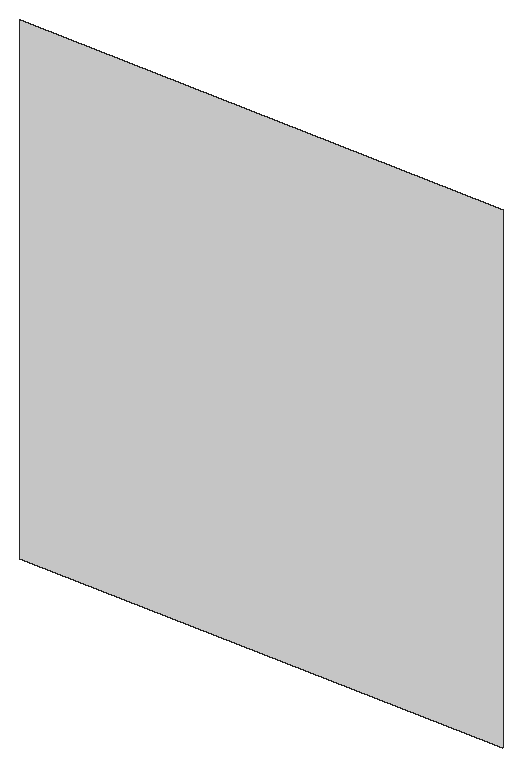
Revit family "PKNail Quad Outlet", category Electrical Fixtures, host Wall, Revit 2017
Family settings
  Host = Wall
  Maintain Annotation Orientation = No
  Round Connector Dimension = Use Diameter
  Part Type = Normal
  Always vertical = Yes
  Cut with Voids When Loaded = No
  Shared = No
  Room Calculation Point = No
Parameters (values of type "Quad Outlet")
  Width = 0' - 4 1/2"
  PKNail Family Measure Location Centered = yes
  PKNail Family Instance Elevation [instance] = 0' - 10"
  PKNail Family Fixed Dimensions = "Width:Height"
  Height = 0' - 4 1/2"
  Finish = Plastic - White
Reference planes (in)
  plane 1: y = 0
  plane 2 "Center (Left/Right)": x = 0
  plane 3 "Back": y = 3
  plane 4 "Left": x = -2.25
  plane 5 "Right": x = 2.25
  plane 6: z = 9.75
  plane 7: z = 14.25
  plane 8 "Center (Elevation)": z = 12
  plane 9: y = 3.1875
  plane 10: y = 3.25
  plane 11: z = 2
Forms (in)
  Blend 1, solid, material "Plastic - White" <- "Finish"
    base sketch origin (0, 3, 0) x (1, 0, 0) y (0, 0, 1)
      loop
        line (2.25, 14.25) -> (-2.25, 14.25) -> (-2.25, 9.75) -> (2.25, 9.75) -> (2.25, 14.25)
    top sketch origin (0, 3, 0) x (1, 0, 0) y (0, 0, 1)
      loop
        line (2.0625, 14.0625) -> (-2.0625, 14.0625) -> (-2.0625, 9.9375) -> (2.0625, 9.9375) -> (2.0625, 14.0625)
    from 0 to -0.1875
Lines and regions (in)
  model lines, style "InvisibleLines"
    curve 1: line (0, 3, 9.75) -> (0, 3, 2)
Text (in)
  text "Placement Side" at (0, 40.15149, 123.01588), in view "Right"
  text "Placement Side" at (0, 47.49176, 140.59947), in view "Left"
Dimensions and locks (in)
  locked: plane 3 "Back" to host wall
  "Height": plane 6 to plane 7
  "Width": plane 5 "Right" to plane 4 "Left"
  equal spacing: plane 5 "Right", plane 2 "Center (Left/Right)", plane 4 "Left"
  equal spacing: plane 6, plane 8 "Center (Elevation)", plane 7
  locked: plane 3 "Back" to plane 9 at 0.1875
  locked: plane 9 to plane 10 at 0.0625
  "PKNail Family Instance Elevation": plane 11 to plane 8 "Center (Elevation)"
  aligned and locked: plane 6 to Blend 1 sketch curve
  aligned and locked: plane 5 "Right" to Blend 1 sketch curve
  aligned and locked: Blend 1 sketch curve to plane 7
  aligned and locked: plane 3 "Back" to nested 1
  aligned and locked: Blend 1 to curve 1
  aligned and locked: curve 1 to plane 2 "Center (Left/Right)"
Automatic sketch dimensions
  plane 4 "Left" to Blend 1 sketch curve = 0' - 0 3/16"
  Blend 1 sketch curve to plane 5 "Right" = 0' - 0 3/16"
  Blend 1 sketch curve to plane 6 = 0' - 0 3/16"
  plane 7 to Blend 1 sketch curve = 0' - 0 3/16"
  Blend 1 sketch curve to plane 4 "Left" = 0' - 0"
  curve 1 to plane 11 = 0' - 0"
Nested families (in)
  nested 1: "Outlet Annotation-Quad" at (-0.0036, 3, 0), type "Outlet Annotation-Quad"
Definition of nested family "Outlet Annotation-Quad"
  Reference planes (in)
    plane 1: y = 0
    plane 2: x = 0
  Lines and regions (in)
    detail lines
      curve 1: arc (-0.04796, 0.10667, 0) -> (0.048, 0.15916, 0) -> (-0.04796, 0.10667, 0) r 0.05469
      curve 2: line (-0.01815, 0.01567, 0) -> (-0.01815, 0.18454, 0)
      curve 3: line (0.01815, 0.01567, 0) -> (0.01815, 0.1844, 0)
      curve 4: line (0.05151, 0.11458, 0) -> (-0.05151, 0.11458, 0)
      curve 5: line (0.05161, 0.15104, 0) -> (-0.05161, 0.15104, 0)
